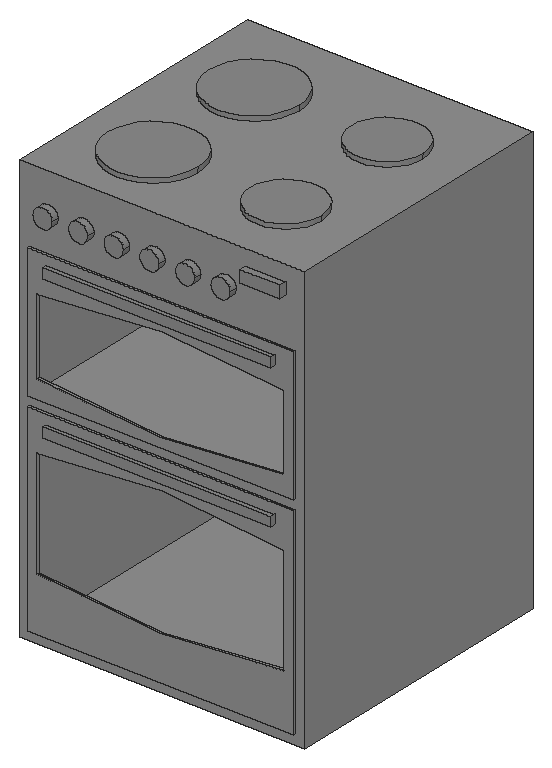
Revit family
Parameters (values of type "600 x 600 x 900mm")
  Cooker Material = Metal - Stainless Steel
  Depth = 600 mm
  Height = 900 mm
  Width = 600 mm
  Assembly Code = ""
Types (2, lengths in mm): name | Width
  600 x 600 x 900mm | 600
  550 x 600 x 900mm | 550
Reference planes
  plane 1: y = 10
  plane 2: z = 0
  plane 3: x = 0
  plane 4: x = 600
  plane 5: y = 610
  plane 6 "Top": z = 900
  plane 7: x = 20
  plane 8: x = 580
  plane 9: z = 744
  plane 10: z = 20
  plane 11: y = 577
  plane 12: y = 427
  plane 13: y = 160
  plane 14: x = 300
  plane 15: z = 444
  plane 16: z = 464
  plane 17: z = 880
  plane 18: z = 503.609
  plane 19: z = 664
  plane 20: x = 40
  plane 21: x = 560
  plane 22: x = 59.889
  plane 23: x = 209.889
  plane 24: x = 284.889
  plane 25: x = 359.889
  plane 26: x = 434.889
  plane 27: x = 134.889
Forms (mm)
  Extrusion 1, solid, material "Metal - Stainless Steel" <- "Cooker Material"
    sketch origin (0, 0, 0) x (0, -1, 0) y (0, 0, 1)
      loop
        line (-610, 900) -> (-610, 0) -> (-10, 0) -> (-10, 900) -> (-610, 900)
    from 0 to -600
  Extrusion 2, solid, material "Metal - Paint Finish - Dark Gray, Matte"
    sketch origin (0, 10, 900) x (1, 0, 0) y (0, 1, 0)
      loop
        circle (160, 417) r 95
      loop
        circle (440, 417) r 75
      loop
        circle (440, 150) r 75
      loop
        circle (160, 150) r 95
    from 0 to 10
  Extrusion 3, solid, material "Metal - Stainless Steel" <- "Cooker Material"
    sketch origin (0, 10, 0) x (1, 0, 0) y (0, 0, 1)
      loop
        line (20, 744) -> (20, 464) -> (580, 464) -> (580, 744) -> (20, 744)
      loop
        line (580, 444) -> (20, 444) -> (20, 20) -> (580, 20) -> (580, 444)
      loop
        arc (40, 503.609) -> (300, 482.543) -> (560, 503.609) r 1615
        line (560, 503.609) -> (560, 664)
        arc (560, 664) -> (300, 685.068) -> (40, 664) r 1614.885
        line (40, 664) -> (40, 503.609)
      loop
        arc (40, 135.329) -> (300, 112.118) -> (560, 135.329) r 1467.793
        line (560, 135.329) -> (560, 362.88)
        arc (560, 362.88) -> (300, 383.948) -> (40, 362.88) r 1614.885
        line (40, 362.88) -> (40, 135.329)
    from 0 to 5
  Extrusion 4, void
    sketch origin (0, 10, 0) x (-1, 0, 0) y (0, 0, 1)
      loop
        line (-20, 744) -> (-580, 744) -> (-580, 464) -> (-20, 464) -> (-20, 744)
      loop
        line (-20, 444) -> (-580, 444) -> (-580, 20) -> (-20, 20) -> (-20, 444)
    from 0 to 567
  Extrusion 5, solid, material "Metal - Paint Finish - Dark Gray, Matte"
    sketch origin (0, 10, 0) x (1, 0, 0) y (0, 0, 1)
      loop
        line (59.889, 724) -> (59.889, 704) -> (540, 704) -> (540, 724) -> (59.889, 724)
      loop
        line (59.889, 422.88) -> (59.889, 402.88) -> (540, 402.88) -> (540, 422.88) -> (59.889, 422.88)
      loop
        line (475, 866.742) -> (475, 841.742) -> (560, 841.742) -> (560, 866.742) -> (475, 866.742)
      loop
        circle (59.889, 816.795) r 20
      loop
        circle (134.889, 816.795) r 20
      loop
        circle (209.889, 816.795) r 20
      loop
        circle (284.889, 816.795) r 20
      loop
        circle (359.889, 816.795) r 20
      loop
        circle (434.889, 816.795) r 20
    from 0 to 15
Cuts and joins
  Extrusion 4 cuts Extrusion 1
  Extrusion 4 cuts Extrusion 2
  Extrusion 4 cuts Extrusion 3
Lines and regions (mm)
  Masking region 1
    outline origin (0, 0, 900) x (0, -1, 0) y (1, 0, 0)
      loop
        line (-610, 0) -> (-10, 0) -> (-10, 600) -> (-610, 600) -> (-610, 0)
  model lines
    curve 1: line (20, 10, 744) -> (580, 10, 744)
    curve 2: line (20, 10, 20) -> (580, 10, 20)
    curve 3: arc (255, 427, 900) -> (160, 522, 900) -> (65, 427, 900) r 95
    curve 4: arc (65, 427, 900) -> (160, 332, 900) -> (255, 427, 900) r 95
    curve 5: arc (515, 427, 900) -> (440, 502, 900) -> (365, 427, 900) r 75
    curve 6: arc (365, 427, 900) -> (440, 352, 900) -> (515, 427, 900) r 75
    curve 7: arc (515, 160, 900) -> (440, 235, 900) -> (365, 160, 900) r 75
    curve 8: arc (365, 160, 900) -> (440, 85, 900) -> (515, 160, 900) r 75
    curve 9: arc (255, 160, 900) -> (160, 255, 900) -> (65, 160, 900) r 95
    curve 10: arc (65, 160, 900) -> (160, 65, 900) -> (255, 160, 900) r 95
    curve 11: line (20, 10, 744) -> (20, 10, 464)
    curve 12: line (20, 10, 464) -> (580, 10, 464)
    curve 13: line (580, 10, 464) -> (580, 10, 744)
    curve 14: line (580, 10, 444) -> (20, 10, 444)
    curve 15: line (20, 10, 444) -> (20, 10, 20)
    curve 16: line (580, 10, 444) -> (580, 10, 20)
    curve 17: line (59.889, 10, 724) -> (540, 10, 724)
    curve 18: line (59.889, 10, 704) -> (59.889, 10, 724)
    curve 19: line (540, 10, 704) -> (59.889, 10, 704)
    curve 20: line (540, 10, 724) -> (540, 10, 704)
    curve 21: arc (40, 10, 664) -> (300, 10, 685.068) -> (560, 10, 664) r 1614.885
    curve 22: arc (560, 10, 503.609) -> (300, 10, 482.543) -> (40, 10, 503.609) r 1615
    curve 23: line (40, 10, 664) -> (40, 10, 503.609)
    curve 24: line (560, 10, 503.609) -> (560, 10, 664)
    curve 25: line (59.889, 10, 422.88) -> (540, 10, 422.88)
    curve 26: line (59.889, 10, 402.88) -> (59.889, 10, 422.88)
    curve 27: line (540, 10, 402.88) -> (59.889, 10, 402.88)
    curve 28: line (540, 10, 422.88) -> (540, 10, 402.88)
    curve 29: arc (40, 10, 362.88) -> (300, 10, 383.948) -> (560, 10, 362.88) r 1614.885
    curve 30: arc (560, 10, 135.329) -> (300.103, 10, 112.994) -> (40, 10, 132.791) r 1615
    curve 31: line (40, 10, 362.88) -> (40, 10, 132.791)
    curve 32: line (560, 10, 135.329) -> (560, 10, 362.88)
    curve 33: arc (79.889, 10, 816.795) -> (59.889, 10, 836.795) -> (39.889, 10, 816.795) r 20
    curve 34: arc (39.889, 10, 816.795) -> (59.889, 10, 796.795) -> (79.889, 10, 816.795) r 20
    curve 35: arc (304.889, 10, 816.795) -> (284.889, 10, 836.795) -> (264.889, 10, 816.795) r 20
    curve 36: arc (264.889, 10, 816.795) -> (284.889, 10, 796.795) -> (304.889, 10, 816.795) r 20
    curve 37: arc (379.889, 10, 816.795) -> (359.889, 10, 836.795) -> (339.889, 10, 816.795) r 20
    curve 38: arc (339.889, 10, 816.795) -> (359.889, 10, 796.795) -> (379.889, 10, 816.795) r 20
    curve 39: line (475, 10, 866.742) -> (560, 10, 866.742)
    curve 40: line (475, 10, 841.742) -> (475, 10, 866.742)
    curve 41: line (560, 10, 841.742) -> (475, 10, 841.742)
    curve 42: line (560, 10, 866.742) -> (560, 10, 841.742)
    curve 43: line (20, 30, 900) -> (580, 30, 900)
    curve 44: line (20, 577, 900) -> (20, 30, 900)
    curve 45: line (580, 577, 900) -> (20, 577, 900)
    curve 46: line (580, 30, 900) -> (580, 577, 900)
    curve 47: line (20, 297, 900) -> (580, 297, 900)
    curve 48: line (300, 577, 900) -> (300, 30, 900)
    curve 49: line (20, 427, 900) -> (580, 427, 900)
    curve 50: line (440, 577, 900) -> (440, 30, 900)
    curve 51: line (160, 577, 900) -> (160, 30, 900)
    curve 52: line (20, 160, 900) -> (580, 160, 900)
    curve 53: arc (154.889, 10, 816.795) -> (134.889, 10, 836.795) -> (114.889, 10, 816.795) r 20
    curve 54: arc (114.889, 10, 816.795) -> (134.889, 10, 796.795) -> (154.889, 10, 816.795) r 20
    curve 55: arc (229.889, 10, 816.795) -> (209.889, 10, 836.795) -> (189.889, 10, 816.795) r 20
    curve 56: arc (189.889, 10, 816.795) -> (209.889, 10, 796.795) -> (229.889, 10, 816.795) r 20
    curve 57: arc (454.889, 10, 816.795) -> (434.889, 10, 836.795) -> (414.889, 10, 816.795) r 20
    curve 58: arc (414.889, 10, 816.795) -> (434.889, 10, 796.795) -> (454.889, 10, 816.795) r 20
Dimensions and locks
  "Width": plane 4 to plane 3
  "Height": plane 6 "Top" to plane 2
  plane 7 to plane 3 = 20 mm
  plane 8 to plane 4 = 20 mm
  "Depth": plane 1 to plane 5
  locked: plane 11 to plane 5 at 33
  equal spacing: plane 3, plane 14, plane 4
  locked: plane 12 to plane 5 at 183
  locked: plane 1 to plane 13 at 150
  plane 7 to plane 20 = 20 mm
  plane 21 to plane 8 = 20 mm
  locked: plane 22 to plane 3 at 59.889
  equal spacing: plane 26, plane 25, plane 24, plane 23, plane 27, plane 22
  locked: plane 26 to plane 4 at 165.111
  aligned and locked: plane 5 to Extrusion 1 sketch curve
  aligned and locked: plane 6 "Top" to Extrusion 1 sketch curve
  aligned and locked: level to Extrusion 1 sketch curve
  aligned and locked: Extrusion 1 sketch curve to plane 1
  aligned and locked: plane 7 to curve 1
  aligned and locked: plane 9 to curve 1
  aligned and locked: Extrusion 1 to plane 4
  aligned and locked: plane 20 to curve 23
  aligned and locked: plane 21 to curve 24
  aligned and locked: plane 22 to curve 33
  aligned and locked: plane 24 to curve 35
  aligned and locked: plane 25 to curve 37
  aligned and locked: curve 13 to plane 8
  aligned and locked: plane 8 to curve 16
  aligned and locked: curve 46 to plane 8
  aligned and locked: Extrusion 3 sketch curve to curve 11
  aligned and locked: Extrusion 3 sketch curve to curve 1
  aligned and locked: curve 12 to Extrusion 3 sketch curve
  aligned and locked: Extrusion 3 sketch curve to curve 13
  aligned and locked: Extrusion 3 sketch curve to curve 16
  aligned and locked: Extrusion 3 sketch curve to curve 14
  aligned and locked: Extrusion 3 sketch curve to curve 2
  aligned and locked: Extrusion 3 sketch curve to curve 15
  aligned and locked: plane 11 to Extrusion 4
  aligned and locked: curve 18 to Extrusion 5 sketch curve
  aligned and locked: Extrusion 5 sketch curve to curve 17
  aligned and locked: Extrusion 5 sketch curve to curve 19
  aligned and locked: Extrusion 5 sketch curve to curve 20
Automatic sketch dimensions
  curve 45 to plane 7 = 0 mm
  curve 3 to plane 12 = 0 mm
  curve 10 to plane 13 = 0 mm
  curve 51 to plane 11 = 0 mm
  curve 48 to plane 14 = 0 mm
  curve 8 to plane 13 = 0 mm
  curve 5 to plane 12 = 0 mm
  curve 52 to plane 13 = 0 mm
  curve 49 to plane 12 = 0 mm
  plane 22 to curve 3 = 5.111 mm
  plane 22 to curve 10 = 5.111 mm
  plane 25 to curve 8 = 5.111 mm
  plane 25 to curve 5 = 5.111 mm
  curve 51 to plane 1 = 20 mm
  plane 12 to curve 47 = 130 mm
  curve 14 to plane 7 = 0 mm
  curve 31 to plane 20 = 0 mm
  curve 18 to plane 22 = 0 mm
  curve 26 to plane 22 = 0 mm
  curve 54 to plane 27 = 0 mm
  curve 56 to plane 23 = 0 mm
  curve 22 to plane 14 = 0 mm
  curve 29 to plane 14 = 0 mm
  curve 21 to plane 14 = 0 mm
  curve 58 to plane 26 = 0 mm
  curve 32 to plane 21 = 0 mm
  curve 41 to plane 21 = 0 mm
  curve 2 to plane 10 = 0 mm
  curve 14 to plane 15 = 0 mm
  curve 12 to plane 16 = 0 mm
  curve 23 to plane 18 = 0 mm
  curve 21 to plane 19 = 0 mm
  plane 20 to curve 34 = 0.111 mm
  curve 54 to plane 27 = 20 mm
  curve 56 to plane 23 = 20 mm
  curve 36 to plane 24 = 20 mm
  plane 24 to curve 30 = 7.333 mm
  curve 38 to plane 25 = 20 mm
  curve 57 to plane 26 = 20 mm
  curve 57 to curve 40 = 20.111 mm
  plane 9 to curve 20 = 20 mm
  curve 20 to curve 1 = 40 mm
  plane 21 to curve 25 = 20 mm
  curve 21 to level = 929.817 mm
  curve 29 to curve 21 = 301.12 mm
  curve 2 to curve 31 = 112.791 mm
  curve 2 to curve 32 = 115.329 mm
  plane 15 to curve 31 = 81.12 mm
  plane 15 to curve 27 = 41.12 mm
  curve 27 to curve 28 = 20 mm
  curve 18 to curve 17 = 20 mm
  plane 6 "Top" to curve 33 = 83.205 mm
  plane 17 to curve 57 = 63.205 mm
  plane 6 "Top" to curve 35 = 83.205 mm
  curve 37 to curve 57 = 0 mm
  curve 56 to curve 36 = 0 mm
  curve 54 to curve 33 = 0 mm
  plane 6 "Top" to curve 42 = 58.258 mm
  curve 41 to curve 39 = 25 mm
  curve 30 to curve 22 = 369.568 mm
  plane 27 to curve 4 = 25.111 mm
  plane 27 to curve 9 = 25.111 mm
  plane 27 to curve 51 = 25.111 mm
  plane 26 to curve 5 = 5.111 mm
  plane 26 to curve 7 = 5.111 mm
  plane 26 to curve 50 = 5.111 mm
  Extrusion 2 sketch curve to plane 12 = 0 mm  (x2)
  Extrusion 2 sketch curve to plane 13 = 0 mm  (x2)
  plane 22 to Extrusion 2 sketch curve = 5.111 mm  (x2)
  plane 27 to Extrusion 2 sketch curve = 25.111 mm  (x2)
  plane 25 to Extrusion 2 sketch curve = 5.111 mm  (x2)
  plane 26 to Extrusion 2 sketch curve = 5.111 mm  (x2)
  Extrusion 3 sketch curve to plane 19 = 0 mm  (x2)
  Extrusion 3 sketch curve to plane 20 = 0 mm  (x2)
  Extrusion 3 sketch curve to plane 14 = 0 mm  (x4)
  Extrusion 3 sketch curve to plane 21 = 0 mm
  Extrusion 3 sketch curve to plane 18 = 0 mm
  Extrusion 3 sketch curve to level = 929.817 mm
  Extrusion 3 sketch curve to Extrusion 3 sketch curve = 301.12 mm
  Extrusion 3 sketch curve to plane 10 = 115.329 mm
  plane 15 to Extrusion 3 sketch curve = 81.12 mm
  Extrusion 3 sketch curve to plane 6 "Top" = 679.91 mm
  Extrusion 3 sketch curve to Extrusion 3 sketch curve = 517.633 mm
  Extrusion 4 sketch curve to plane 8 = 0 mm  (x2)
  Extrusion 4 sketch curve to plane 7 = 0 mm  (x2)
  Extrusion 4 sketch curve to plane 10 = 0 mm
  Extrusion 4 sketch curve to plane 15 = 0 mm
  Extrusion 4 sketch curve to plane 16 = 0 mm
  Extrusion 4 sketch curve to plane 9 = 0 mm
  Extrusion 5 sketch curve to plane 22 = 0 mm  (x2)
  Extrusion 5 sketch curve to plane 27 = 0 mm
  Extrusion 5 sketch curve to plane 23 = 0 mm
  Extrusion 5 sketch curve to plane 24 = 0 mm
  Extrusion 5 sketch curve to plane 25 = 0 mm
  Extrusion 5 sketch curve to plane 26 = 0 mm
  Extrusion 5 sketch curve to plane 21 = 0 mm
  plane 20 to Extrusion 5 sketch curve = 0.111 mm
  Extrusion 5 sketch curve to plane 27 = 20 mm
  Extrusion 5 sketch curve to plane 23 = 20 mm
  Extrusion 5 sketch curve to plane 24 = 20 mm
  Extrusion 5 sketch curve to plane 25 = 20 mm
  Extrusion 5 sketch curve to plane 26 = 20 mm
  plane 17 to Extrusion 5 sketch curve = 13.258 mm
  plane 26 to Extrusion 5 sketch curve = 40.111 mm
  plane 21 to Extrusion 5 sketch curve = 20 mm
  plane 15 to Extrusion 5 sketch curve = 21.12 mm
  Extrusion 5 sketch curve to Extrusion 5 sketch curve = 20 mm
  plane 17 to Extrusion 5 sketch curve = 63.205 mm
  Extrusion 5 sketch curve to Extrusion 5 sketch curve = 0 mm  (x4)
  Extrusion 5 sketch curve to Extrusion 5 sketch curve = 49.947 mm
  Extrusion 5 sketch curve to Extrusion 5 sketch curve = 25 mm
  Masking region 1 sketch curve to plane 4 = 0 mm
  Masking region 1 sketch curve to plane 5 = 0 mm
  Masking region 1 sketch curve to plane 1 = 0 mm
  Masking region 1 sketch curve to plane 3 = 0 mm
